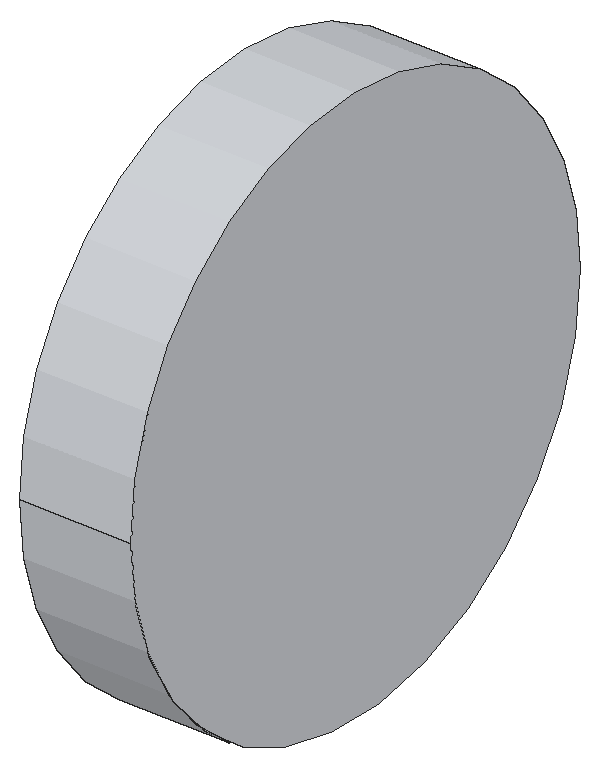
Revit family "GPC-Raiser", category Pipe Accessories, Revit 2025
Family settings
  Round Connector Dimension = Use Radius
  Part Type = Inline Sensor
  OmniClass Number = 23.60.10.14
  OmniClass Title = Pressure Measuring Instruments
  Work Plane-Based = No
  Always vertical = Yes
  Cut with Voids When Loaded = No
  Shared = No
Parameters (values of type "2in")
  built-in parameter 1114242 [instance] = 1
  Thickness = 28 mm
  Loss Method = Not Defined
  Dial Diameter = 50 mm
  Nominal Radius = 25.4 mm
  Nominal Diameter = Nominal Radius * 2  # 50.8 mm
  Height = 200 mm
  Default Elevation = 0 mm
Types (4, lengths in mm): name | built-in parameter 1114242 | Thickness | Dial Diameter | Nominal Radius | Nominal Diameter | Height
  63 mm | (empty or 0) | 28 | 63 | 4 | 8 | 85
  80 mm Dial - 8 mm | (empty or 0) | 29 | 80 | 4 | 8 | 99
  100 mm Dial - 8 mm | (empty or 0) | 31 | 100 | 4 | 8 | 120
  2in | 1 | 28 | 50 | 25.4 | 50.8 | 200
Reference planes
  plane 1 "Center (Front/Back)": y = 0
  plane 2: z = 0
  plane 3 "Center (Left/Right)": x = 0
  plane 4: x = 10
  plane 5: z = 7
  plane 6: z = 14
  plane 7: z = 21
  plane 8: z = -7
  plane 9: z = 17.5
Forms (mm)
  Extrusion 1, solid, detail levels fine
    sketch origin (0, 0, 0) x (0, 1, 0) y (0, 0, 1)
      loop
        circle (0, 0) r 25.4
    from 0 to 10
Dimensions and locks
  locked: plane 5 to plane 2 at 7
  locked: plane 6 to plane 5 at 7
  locked: plane 7 to plane 6 at 7
  locked: plane 2 to plane 8 at 7
  equal spacing: plane 7, plane 9, plane 6
  plane 3 "Center (Left/Right)" to plane 4 = 10 mm
  "Nominal Radius": radius of Extrusion 1 sketch curve
  aligned and locked: plane 2 to Extrusion 1 sketch curve
  aligned and locked: plane 1 "Center (Front/Back)" to Extrusion 1 sketch curve
  aligned and locked: Extrusion 1 to plane 3 "Center (Left/Right)"
  aligned and locked: plane 4 to Extrusion 1
Connectors
  piping at (0, 0, 0), diameter 50.8, driven by "Nominal Radius"
    settings: on Extrusion 1, index 1, connector inside diameter 609.6 mm, connector length 0 mm, flow factor 0, pipe flow 0.0 L/s, pressure drop 0.0 Pa, fitting loss kfactor 0, connector angle 0.00°, fixture units 0, engagement length 0 mm, angle of deflection 0.00°, flow configuration 0, flow direction 0, fitting loss method 0, system type 7, joint type 0, gender type 0, connector reference index 2, connector utility 0, adjustable connector no, is connector primary yes, connector description ""
  piping at (10, 0, 0), diameter 50.8, driven by "Nominal Radius"
    settings: on Extrusion 1, index 2, connector inside diameter 609.6 mm, connector length 0 mm, flow factor 0, pipe flow 0.0 L/s, pressure drop 0.0 Pa, fitting loss kfactor 0, connector angle 0.00°, fixture units 0, engagement length 0 mm, angle of deflection 0.00°, flow configuration 0, flow direction 0, fitting loss method 0, system type 7, joint type 0, gender type 0, connector reference index 1, connector utility 0, adjustable connector no, is connector primary no, connector description ""
